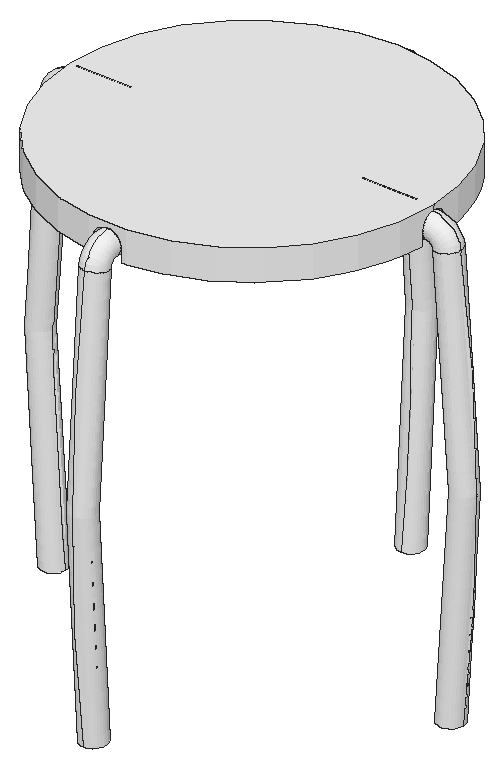
Revit family
Parameters (values of type "420 x 420mm")
  URL = ""
  Seat Material = Metal - Aluminium
  Model = ""
  Manufacturer = "Revit"
  Leg Material = Metal - Aluminium
  Keynote = "N"
  Description = "Stool"
  Assembly Code = "E2020200"
Reference planes
  plane 1 "Center (Front/Back)": y = 0
  plane 2: z = 0
  plane 3 "Center (Left/Right)": x = 0
  plane 4: x = -215
  plane 5: x = 215
  plane 6: x = -200
  plane 7: x = 200
  plane 8: y = -215
  plane 9: y = 215
  plane 10: y = -200
  plane 11: y = 200
Forms (mm)
  Extrusion 1, solid, material "Metal - Aluminium" <- "Seat Material"
    sketch origin (0, 0, 410) x (1, 0, 0) y (0, 1, 0)
      loop
        circle (0, 0) r 175
    from 0 to 30
  Sweep 2, solid, material "Metal - Aluminium" <- "Leg Material"
    path origin (0, 0, 0) x (1, 0, 0) y (0, 0, 1)
      loop
        arc (-200, -15) -> (-215, 197.5) -> (-200, 410) r 1512.708
        arc (-200, 410) -> (-191.195, 426.211) -> (-173.93, 432.711) r 26.423
        line (-173.93, 432.711) -> (0, 432.711) -> (173.93, 432.711)
        arc (173.93, 432.711) -> (191.195, 426.211) -> (200, 410) r 26.423
        arc (200, 410) -> (215, 197.5) -> (200, -15) r 1512.708
    profile origin (0, 0, 197.5) x (-1, 0, 0) y (0, -1, 0)
      loop
        circle (204.521, 0) r 12
  Extrusion 3, void
    sketch origin (0, 0, 0) x (1, 0, 0) y (0, 0, 1)
      loop
        line (-213.702, 0) -> (-213.702, -40) -> (226.298, -40) -> (226.298, 0) -> (-213.702, 0)
    from -260.218 to 317.918
  Sweep 4, solid, material "Metal - Aluminium" <- "Leg Material"
    path origin (0, 0, 0) x (0, 1, 0) y (0, 0, 1)
      loop
        arc (-200, -15) -> (-215, 197.5) -> (-200, 410) r 1512.708
        arc (-200, 410) -> (-191.195, 426.211) -> (-173.93, 432.711) r 26.423
        line (-173.93, 432.711) -> (0, 432.711) -> (173.93, 432.711)
        arc (173.93, 432.711) -> (191.195, 426.211) -> (200, 410) r 26.423
        arc (200, 410) -> (215, 197.5) -> (200, -15) r 1512.708
    profile origin (0, 0, 197.5) x (0, -1, 0) y (1, 0, 0)
      loop
        circle (204.521, 0) r 12
  Extrusion 5, void
    sketch origin (0, 0, 0) x (1, 0, 0) y (0, 0, 1)
      loop
        line (-14, 396.511) -> (14, 396.511) -> (14, 421.939)
        arc (14, 421.939) -> (0, 435.939) -> (-14, 421.939) r 14
        line (-14, 421.939) -> (-14, 396.511)
    from 101.021 to 201.282
  Extrusion 6, void
    sketch origin (0, 0, 0) x (1, 0, 0) y (0, 0, -1)
      loop
        line (-14, -396.511) -> (-14, -421.939)
        arc (-14, -421.939) -> (0, -435.939) -> (14, -421.939) r 14
        line (14, -421.939) -> (14, -396.511) -> (-14, -396.511)
    from 101.021 to 201.282
  Extrusion 7, void
    sketch origin (0, 0, 0) x (0, 1, 0) y (0, 0, 1)
      loop
        line (-14, 396.511) -> (14, 396.511) -> (14, 421.939)
        arc (14, 421.939) -> (0, 435.939) -> (-14, 421.939) r 14
        line (-14, 421.939) -> (-14, 396.511)
    from 101.021 to 201.282
  Extrusion 8, void
    sketch origin (0, 0, 0) x (0, 1, 0) y (0, 0, -1)
      loop
        line (-14, -396.511) -> (-14, -421.939)
        arc (-14, -421.939) -> (0, -435.939) -> (14, -421.939) r 14
        line (14, -421.939) -> (14, -396.511) -> (-14, -396.511)
    from 101.021 to 201.282
Cuts and joins
  Extrusion 3, Extrusion 6 cuts Sweep 2
  Extrusion 3, Extrusion 5, Extrusion 6, Extrusion 7, Extrusion 8 cuts Extrusion 1
  Extrusion 3, Extrusion 7, Extrusion 8 cuts Sweep 4
Lines and regions (mm)
  Masking region 1
    outline origin (0, 0, 0) x (1, 0, 0) y (0, 1, 0)
      loop
        arc (-11.892, 174.595) -> (-123.744, 123.744) -> (-174.595, 11.892) r 175
        line (-174.595, 11.892) -> (-204.595, 11.892)
        arc (-204.595, 11.892) -> (-216.487, 0) -> (-204.595, -11.892) r 11.892
        line (-204.595, -11.892) -> (-174.595, -11.892)
        arc (-174.595, -11.892) -> (-123.744, -123.744) -> (-11.892, -174.595) r 175
        line (-11.892, -174.595) -> (-11.892, -204.595)
        arc (-11.892, -204.595) -> (0, -216.487) -> (11.892, -204.595) r 11.892
        line (11.892, -204.595) -> (11.892, -174.595)
        arc (11.892, -174.595) -> (123.744, -123.744) -> (174.595, -11.892) r 175
        line (174.595, -11.892) -> (204.595, -11.892)
        arc (204.595, -11.892) -> (216.487, 0) -> (204.595, 11.892) r 11.892
        line (204.595, 11.892) -> (174.595, 11.892)
        arc (174.595, 11.892) -> (123.744, 123.744) -> (11.892, 174.595) r 175
        line (11.892, 174.595) -> (11.892, 204.595)
        arc (11.892, 204.595) -> (0, 216.487) -> (-11.892, 204.595) r 11.892
        line (-11.892, 204.595) -> (-11.892, 174.595)
  symbolic lines
    curve 1: arc (-174.595, 11.892, 0) -> (-175, 0, 0) -> (-174.595, -11.892, 0) r 175
    curve 2: arc (174.595, -11.892, 0) -> (175, 0, 0) -> (174.595, 11.892, 0) r 175
    curve 3: arc (11.892, 174.595, 0) -> (0, 175, 0) -> (-11.892, 174.595, 0) r 175
    curve 4: arc (-11.892, -174.595, 0) -> (0, -175, 0) -> (11.892, -174.595, 0) r 175
